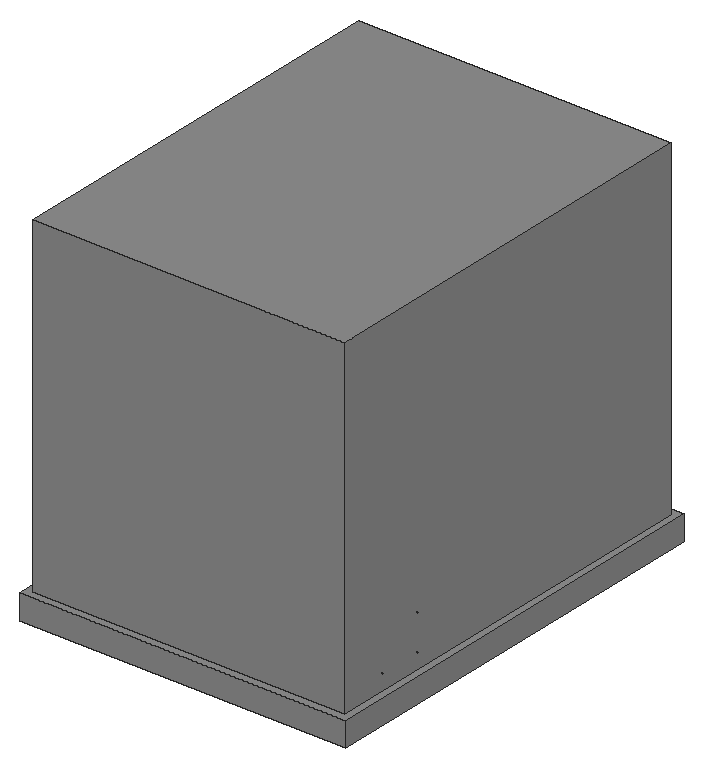
Revit family
Parameters (values of type "38AUD14")
  Wired Condenser Coil Grille [instance] = no
  Width = 4' - 11 3/8"
  Voltage = 0 V
  Version = 1
  Unit Material = Paint - Carrier - American Sterling Gray
  URL = "www.carrier.com"
  Type Comments = "12.5 Tons Air Cooled Condensing Unit"
  Temperature Control [instance] = no
  Suction Connection Size = 1 3/8"
  Suction Connection Radus = Suction Connection Size / 2  # 11/16"
  Special Coated Coil Protection [instance] = no
  Right Clearance = 3' - 0"
  Programmable Thermostat [instance] = no
  Model = "38AUD14"
  Manufacturer = "Carrier"  # constant formula
  MOCP = 0 A
  MCA = 0 A
  Louvered Hail Guard [instance] = no
  Liquid Connection Size = 1/2"
  Liquid Connection Radius = Liquid Connection Size / 2  # 1/4"
  Length = 3' - 9 7/8"
  Left Clearance = 3' - 0"
  IEER = 12
  Height = 4' - 2 3/8"
  Front Clearance = 3' - 6"
  Fan Radius = 1' - 0"
  Fan Centerline from Right and Front = Fan Radius + 0' 6"  # 1' - 6"
  Fan Centerline from Left and Back = Fan Radius + 0' 2"  # 1' - 2"
  EER = 11
  Disconnect Switch [instance] = no
  Disclaimer = "Manufacturer reserves the right to change, at any time, specifications and designs without notice and without obligation.  Please verify critical parameters with local Carrier commercial sales office."  # constant formula
  Convenience Outlet [instance] = no
  Back Clearance = 3' - 0"
  Assembly Code = "D3030"
Types (3): name | Type Comments | Suction Connection Size | Suction Connection Radus | Model | Liquid Connection Size | Liquid Connection Radius | IEER | EER
  (no name) | "12.5 Tons Air Cooled Condensing Unit" | 1 3/8" | 11/16" | "38AUD14" | 1/2" | 1/4" | 12 | 11
  38AUD12 | "10 Tons Air Cooled Condensing Unit" | 1 1/8" | 9/16" | "38AUD12" | 3/8" | 3/16" | 11.6 | 11.2
  38AUD14 | "12.5 Tons Air Cooled Condensing Unit" | 1 3/8" | 11/16" | "38AUD14" | 1/2" | 1/4" | 12 | 11
Reference planes (in)
  plane 1 "Center (Front/Back)": y = 0
  plane 2: z = 0
  plane 3 "Center (Left/Right)": x = 0
  plane 4 "Back Face of Base": y = 29.6875
  plane 5 "Front Face of Base": y = -29.6875
  plane 6 "Left Face of Base": x = -22.9375
  plane 7 "Right Face of Base": x = 22.9375
  plane 8 "Back Clearance Line": y = 65.6875
  plane 9 "Left Clearance Line": x = -58.9375
  plane 10 "Right Clearance Line": x = 58.9375
  plane 11 "Front Clearance Line": y = -71.6875
  plane 12 "Top of Unit": z = 50.375
  plane 13 "Bottom of Unit": z = 0
  plane 14 "Top of Base": z = 3.5
  plane 15 "Back Face of Unit": y = 28.6875
  plane 16 "Front Face of Unit": y = -28.6875
  plane 17 "Left Face of Unit": x = -21.9375
  plane 18 "Right Face of Unit": x = 21.9375
  plane 19 "Back Fan Centerline - Side to Side": y = 14.6875
  plane 20 "Front Fan Centerline - Side to Side": y = -10.6875
  plane 21 "Front Fan Centerline - Front to Back": x = -7.9375
  plane 22 "Back Fan Centerline - Front to Back": x = 3.9375
  plane 23 "Liquid and Section Connections - Front": y = -21.5625
  plane 24 "Suction Connection": z = 11.25
  plane 25 "Liquid Connection": z = 6.25
  plane 26 "Power Entry Centerline - Vertical": z = 37.125
  plane 27 "Convenience Outlet Centerline - Vertical": z = 17
  plane 28 "Power Entry Centerline - Horizontal": y = -24.9375
  plane 29 "Convenience Outlet Centerline - Horizontal": y = -24.1875
  plane 30 "Liquid and Section Connections - Rear": y = -15.4375
Forms (in)
  Extrusion 1, solid, material "Paint - Carrier - American Sterling Gray" <- "Unit Material"
    sketch origin (0, 0, 3.5) x (-1, 0, 0) y (0, -1, 0)
      loop
        line (21.9375, 28.6875) -> (-21.9375, 28.6875) -> (-21.9375, -28.6875) -> (21.9375, -28.6875) -> (21.9375, 28.6875)
    from 0 to 46.875
  Extrusion 2, solid, material "Paint - Carrier - American Sterling Gray" <- "Unit Material"
    sketch origin (0, 0, 0) x (-1, 0, 0) y (0, -1, 0)
      loop
        line (22.9375, 29.6875) -> (-22.9375, 29.6875) -> (-22.9375, -29.6875) -> (22.9375, -29.6875) -> (22.9375, 29.6875)
    from 0 to 3.5
  Extrusion 3, solid, material "Paint - Carrier - American Sterling Gray" <- "Unit Material", detail levels fine
    sketch origin (21.9375, 0, 0) x (0, 1, 0) y (0, 0, 1)
      loop
        circle (-21.5625, 11.25) r 0.75
    from 0 to -0.5
  Extrusion 4, solid, material "Paint - Carrier - American Sterling Gray" <- "Unit Material", detail levels fine
    sketch origin (21.9375, 0, 0) x (0, 1, 0) y (0, 0, 1)
      loop
        circle (-21.5625, 6.25) r 0.75
    from 0 to -0.5
  Extrusion 5, void
    sketch origin (-21.9375, 0, 0) x (0, 1, 0) y (0, 0, 1)
      loop
        circle (-24.9375, 37.125) r 0.75
    from 0 to 0.5
  Extrusion 6, solid, material "Paint - Carrier - American Sterling Gray"
    sketch origin (-21.9375, 0, 0) x (0, 1, 0) y (0, 0, 1)
      loop
        line (-22.9375, 15) -> (-22.9375, 19) -> (-25.4375, 19) -> (-25.4375, 15) -> (-22.9375, 15)
    from 0 to -0.0625
  Extrusion 7, solid, material "Paint - Carrier - American Sterling Gray", detail levels fine
    sketch origin (21.9375, 0, 0) x (0, 1, 0) y (0, 0, 1)
      loop
        circle (-15.4375, 6.25) r 0.75
    from 0 to -0.5
  Extrusion 8, solid, material "Paint - Carrier - American Sterling Gray", detail levels fine
    sketch origin (21.9375, 0, 0) x (0, 1, 0) y (0, 0, 1)
      loop
        circle (-15.4375, 11.25) r 0.75
    from 0 to -0.5
Lines and regions (in)
  symbolic lines, style "Clearance Zones", detail levels fine
    curve 1: line (-58.9375, -71.6875, 0) -> (58.9375, -71.6875, 0)
    curve 2: line (-58.9375, 65.6875, 0) -> (-58.9375, -71.6875, 0)
    curve 3: line (58.9375, 65.6875, 0) -> (-58.9375, 65.6875, 0)
    curve 4: line (58.9375, -71.6875, 0) -> (58.9375, 65.6875, 0)
  model lines, detail levels medium+fine
    curve 5: line (-21.9375, -18.6875, 50.375) -> (-21.9375, -18.6875, 3.5)
    curve 6: line (-21.9375, -16.1875, 3.5) -> (-21.9375, -16.1875, 50.375)
    curve 7: line (-19.4375, -28.6875, 3.5) -> (-19.4375, -28.6875, 50.375)
    curve 8: line (21.9375, -26.1875, 4.5) -> (21.9375, -14.1875, 4.5)
    curve 9: line (21.9375, -26.1875, 13) -> (21.9375, -26.1875, 4.5)
    curve 10: line (21.9375, -14.1875, 13) -> (21.9375, -26.1875, 13)
    curve 11: line (21.9375, -14.1875, 4.5) -> (21.9375, -14.1875, 13)
Dimensions and locks (in)
  equal spacing: plane 6 "Left Face of Base", plane 3 "Center (Left/Right)", plane 7 "Right Face of Base"
  "Length": plane 6 "Left Face of Base" to plane 7 "Right Face of Base"
  equal spacing: plane 4 "Back Face of Base", plane 1 "Center (Front/Back)", plane 5 "Front Face of Base"
  "Width": plane 4 "Back Face of Base" to plane 5 "Front Face of Base"
  "Left Clearance": plane 9 "Left Clearance Line" to plane 6 "Left Face of Base"
  "Right Clearance": plane 7 "Right Face of Base" to plane 10 "Right Clearance Line"
  "Back Clearance": plane 8 "Back Clearance Line" to plane 4 "Back Face of Base"
  "Front Clearance": plane 5 "Front Face of Base" to plane 11 "Front Clearance Line"
  "Height": plane 12 "Top of Unit" to level
  locked: plane 14 "Top of Base" to plane 13 "Bottom of Unit" at 3.5
  locked: plane 4 "Back Face of Base" to plane 15 "Back Face of Unit" at 1
  locked: plane 16 "Front Face of Unit" to plane 5 "Front Face of Base" at 1
  locked: plane 6 "Left Face of Base" to plane 17 "Left Face of Unit" at 1
  locked: plane 18 "Right Face of Unit" to plane 7 "Right Face of Base" at 1
  "Fan Centerline from Left and Back": plane 17 "Left Face of Unit" to plane 21 "Front Fan Centerline - Front to Back"
  "Fan Centerline from Right and Front": plane 22 "Back Fan Centerline - Front to Back" to plane 18 "Right Face of Unit"
  "Fan Centerline from Right and Front": plane 20 "Front Fan Centerline - Side to Side" to plane 16 "Front Face of Unit"
  "Fan Centerline from Left and Back": plane 15 "Back Face of Unit" to plane 19 "Back Fan Centerline - Side to Side"
  locked: curve 5 to plane 5 "Front Face of Base" at 11
  locked: curve 7 to plane 17 "Left Face of Unit" at 2.5
  locked: curve 6 to curve 5 at 2.5
  locked: curve 8 to plane 14 "Top of Base" at 1
  locked: curve 10 to plane 13 "Bottom of Unit" at 13
  locked: plane 16 "Front Face of Unit" to curve 9 at 2.5
  locked: curve 9 to curve 11 at 12
  locked: plane 5 "Front Face of Base" to plane 23 "Liquid and Section Connections - Front" at 8.125
  locked: plane 25 "Liquid Connection" to plane 13 "Bottom of Unit" at 6.25
  locked: plane 24 "Suction Connection" to plane 13 "Bottom of Unit" at 11.25
  locked: plane 12 "Top of Unit" to plane 26 "Power Entry Centerline - Vertical" at 13.25
  locked: plane 27 "Convenience Outlet Centerline - Vertical" to plane 13 "Bottom of Unit" at 17
  locked: plane 28 "Power Entry Centerline - Horizontal" to plane 16 "Front Face of Unit" at 3.75
  locked: plane 29 "Convenience Outlet Centerline - Horizontal" to plane 16 "Front Face of Unit" at 4.5
  Extrusion 6 sketch curve to plane 29 "Convenience Outlet Centerline - Horizontal" to Extrusion 6 sketch curve = 0' - 1 1/4" locked, 0' - 1 1/4" locked
  Extrusion 6 sketch curve to plane 27 "Convenience Outlet Centerline - Vertical" to Extrusion 6 sketch curve = 0' - 2" locked, 0' - 2" locked
  locked: plane 23 "Liquid and Section Connections - Front" to plane 30 "Liquid and Section Connections - Rear" at 6.125
  radius of Extrusion 3 sketch curve = 0' - 0 3/4"
  radius of Extrusion 4 sketch curve = 0' - 0 3/4"
  radius of Extrusion 5 sketch curve = 0' - 0 3/4"
  radius of Extrusion 7 sketch curve = 0' - 0 3/4"
  radius of Extrusion 8 sketch curve = 0' - 0 3/4"
  aligned and locked: level to plane 2
  aligned and locked: plane 8 "Back Clearance Line" to curve 3
  aligned and locked: plane 10 "Right Clearance Line" to curve 4
  aligned and locked: curve 1 to plane 11 "Front Clearance Line"
  aligned and locked: curve 2 to plane 9 "Left Clearance Line"
  aligned and locked: level to plane 13 "Bottom of Unit"
  aligned and locked: plane 15 "Back Face of Unit" to Extrusion 1
  aligned and locked: plane 18 "Right Face of Unit" to Extrusion 1
  aligned and locked: Extrusion 1 to plane 16 "Front Face of Unit"
  aligned and locked: Extrusion 1 to plane 17 "Left Face of Unit"
  aligned and locked: Extrusion 1 to plane 14 "Top of Base"
  aligned and locked: plane 12 "Top of Unit" to Extrusion 1
  aligned and locked: Extrusion 2 to plane 6 "Left Face of Base"
  aligned and locked: plane 4 "Back Face of Base" to Extrusion 2
  aligned and locked: plane 7 "Right Face of Base" to Extrusion 2
  aligned and locked: Extrusion 2 to plane 5 "Front Face of Base"
  aligned and locked: Extrusion 2 to plane 13 "Bottom of Unit"
  aligned and locked: plane 14 "Top of Base" to Extrusion 2
  aligned and locked: plane 22 "Back Fan Centerline - Front to Back" to nested 2
  aligned and locked: nested 2 to plane 19 "Back Fan Centerline - Side to Side"
  aligned and locked: plane 21 "Front Fan Centerline - Front to Back" to nested 1
  aligned and locked: nested 1 to plane 20 "Front Fan Centerline - Side to Side"
  aligned and locked: plane 12 "Top of Unit" to curve 5
  aligned and locked: plane 14 "Top of Base" to curve 5
  aligned and locked: plane 12 "Top of Unit" to curve 6
  aligned and locked: plane 14 "Top of Base" to curve 6
  aligned and locked: plane 12 "Top of Unit" to curve 7
  aligned and locked: plane 14 "Top of Base" to curve 7
  aligned and locked: plane 24 "Suction Connection" to Extrusion 3 sketch curve
  aligned and locked: plane 23 "Liquid and Section Connections - Front" to Extrusion 3 sketch curve
  aligned and locked: plane 23 "Liquid and Section Connections - Front" to Extrusion 4 sketch curve
  aligned and locked: plane 25 "Liquid Connection" to Extrusion 4 sketch curve
  aligned and locked: plane 26 "Power Entry Centerline - Vertical" to Extrusion 5 sketch curve
  aligned and locked: plane 28 "Power Entry Centerline - Horizontal" to Extrusion 5 sketch curve
  aligned and locked: plane 17 "Left Face of Unit" to Extrusion 6
  aligned and locked: plane 18 "Right Face of Unit" to Extrusion 4
  aligned and locked: plane 18 "Right Face of Unit" to Extrusion 3
  aligned and locked: plane 30 "Liquid and Section Connections - Rear" to Extrusion 7 sketch curve
  aligned and locked: plane 25 "Liquid Connection" to Extrusion 7 sketch curve
  aligned and locked: plane 24 "Suction Connection" to Extrusion 8 sketch curve
  aligned and locked: plane 30 "Liquid and Section Connections - Rear" to Extrusion 8 sketch curve
Automatic sketch dimensions
  Extrusion 1 sketch curve to plane 18 "Right Face of Unit" = 0' - 0"
  plane 17 "Left Face of Unit" to Extrusion 1 sketch curve = 0' - 0"
  Extrusion 1 sketch curve to plane 15 "Back Face of Unit" = 0' - 0"
  plane 16 "Front Face of Unit" to Extrusion 1 sketch curve = 0' - 0"
  plane 7 "Right Face of Base" to Extrusion 2 sketch curve = 0' - 0"
  Extrusion 2 sketch curve to plane 6 "Left Face of Base" = 0' - 0"
  plane 4 "Back Face of Base" to Extrusion 2 sketch curve = 0' - 0"
  Extrusion 2 sketch curve to plane 5 "Front Face of Base" = 0' - 0"
Nested families (in)
  nested 1: "Fan-Grill-Carrier" at (-7.9375, -10.6875, 50.375), built-in parameter 1001364 <- "Height", type "Fan-Grill-Carrier"
  nested 2: "Fan-Grill-Carrier" at (3.9375, 14.6875, 50.375), built-in parameter 1001364 <- "Height", type "Fan-Grill-Carrier"
Connectors (in)
  piping at (21.9375, -21.5625, 11.25), driven by "Suction Connection Radus"
    settings: on Extrusion 3, index 3, connector radius 11/16", flow factor 0, pipe flow 0 GPM, pressure drop 0.00 psi, fitting loss kfactor 0, connector angle 0.00°, fixture units 0, flow configuration 1, flow direction 1, fitting loss method 0, system type 22, connector reference index -1, connector utility 0, adjustable connector no, is connector primary yes, fitting loss table "", connector description "Front Suction Connection"
  piping at (21.9375, -21.5625, 6.25), driven by "Liquid Connection Radius"
    settings: on Extrusion 4, index 4, connector radius 1/4", flow factor 0, pipe flow 0 GPM, pressure drop 0.00 psi, fitting loss kfactor 0, connector angle 0.00°, fixture units 0, flow configuration 1, flow direction 2, fitting loss method 0, system type 22, connector reference index -1, connector utility 0, adjustable connector no, is connector primary no, fitting loss table "", connector description "Front Liquid Connection"
  electrical at (-21.9375, -24.9375, 37.125)
    settings: on Extrusion 5, index 5, voltage 0 V, apparent load 0 VA, apparent load phase1 0 VA, apparent load phase2 0 VA, apparent load phase3 0 VA, power factor 1, load classification "Motor", number of poles 3, system type 30, power factor state 1, is connector primary yes, connector utility no, sub classification motor no, connector description "Primary Power"
  piping at (21.9375, -15.4375, 6.25), driven by "Liquid Connection Radius"
    settings: on Extrusion 7, index 7, connector radius 1/4", flow factor 0, pipe flow 0 GPM, pressure drop 0.00 psi, fitting loss kfactor 0, connector angle 0.00°, fixture units 0, flow configuration 1, flow direction 2, fitting loss method 0, system type 22, connector reference index -1, connector utility 0, adjustable connector no, is connector primary no, fitting loss table "", connector description "Rear Liquid Connection"
  piping at (21.9375, -15.4375, 11.25), driven by "Suction Connection Radus"
    settings: on Extrusion 8, index 8, connector radius 11/16", flow factor 0, pipe flow 0 GPM, pressure drop 0.00 psi, fitting loss kfactor 0, connector angle 0.00°, fixture units 0, flow configuration 1, flow direction 1, fitting loss method 0, system type 22, connector reference index -1, connector utility 0, adjustable connector no, is connector primary no, fitting loss table "", connector description "Rear Suction Connection"
Definition of nested family "Fan-Grill-Carrier"
  Parameters (values of type "OutdoorFan")
    Fan Radius = 0' - 11"
    Fan 3rd Circle Radius = Fan Radius * 0.75  # 0' - 8 1/4"
    Fan 2nd Circle Radius = Fan Radius * 0.5  # 0' - 5 1/2"
    Fan Inner Circle Radius = Fan Radius * 0.25  # 0' - 2 3/4"
    Assembly Code = ""
  Reference planes (in)
    plane 1 "Center (Front/Back)": y = 0
    plane 2: z = 0
    plane 3 "Center (Left/Right)": x = 0
  Lines and regions (in)
    model lines, style "Fan", detail levels medium+fine
      curve 1: circle (0, 0, 0) r 11 normal (0, 0, 1)
      curve 2: circle (0, 0, 0) r 5.5 normal (0, 0, 1)
      curve 3: circle (0, 0, 0) r 2.75 normal (0, 0, 1)
      curve 4: circle (0, 0, 0) r 8.25 normal (0, 0, 1)
  Dimensions and locks (in)
    "Fan Radius": radius of curve 1
    "Fan 3rd Circle Radius": radius of curve 4
    "Fan Inner Circle Radius": radius of curve 3
    "Fan 2nd Circle Radius": radius of curve 2
    aligned and locked: level to plane 2
  Automatic sketch dimensions
    curve 1 to curve 3 = 0' - 0"  (x2)
    curve 2 to curve 4 = 0' - 0"  (x2)
    curve 3 to curve 4 = 0' - 0"  (x2)
    plane 1 "Center (Front/Back)" to curve 2 = 0' - 0"
    curve 2 to plane 3 "Center (Left/Right)" = 0' - 0"
